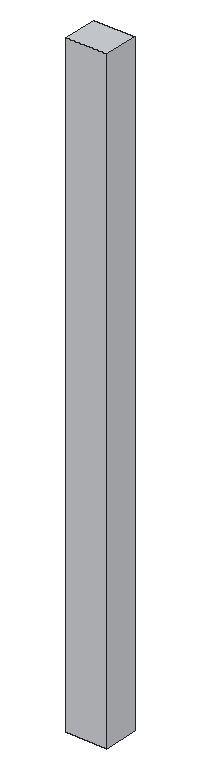
Revit family
Parameters
  Warranty Duration (Years) = 0
  Unit Width [instance] = 3' - 0"
  Unit Height [instance] = 0' - 0"
  Unit Depth = 0' - 0"
  URL = "http://www.americanspecialties.com/viewCategories.cfm"
  Trim Material = Rubber
  Test Data = ""
  Specification = "http://www.arcat.com/sdspecs/htm/10810asi.htm"
  SpecWizard = ""
  Send Message = "http://www.arcat.com/users.pl?action=UserEmail&company=American%20Specialties,%20Inc.&coid=30448&rep=139&fax=914-476-0688&mf="
  Sales Information = "http://www.americanspecialties.com/contact"
  Revision = "R1_10-2010"
  Product Properties = "http://www.americanspecialties.com/datasheets/0795.pdf"
  Product Data = "http://www.arcat.com/arcatcos/cos30/arc30448.html"
  Model = "As Specified in 10 28 13"
  Manufacturer Website = "http://www.americanspecialties.com/viewCategories.cfm"
  Manufacturer Phone - Toll Free = ""
  Manufacturer Phone = "914-476-9000 "
  Manufacturer Fax = "914-476-0688"
  Manufacturer Address = "441 Saw Mill River Rd., Yonkers, NY 10701"
  Manufacturer = "American Specialties, Inc."
  Maintenance Schedule (Months) = 0
  Keynote = "10 28 13"
  Installation-Fabrication = "http://www.americanspecialties.com/products.cfm"
  Green Building-LEED = ""
  Expected Lifespan (Years) = 0
  Drawn By = "Robert S. Weygant. CSI, CDT, SCIP"  # constant formula
  Description = "Toilet Accessory as Specified in 10 28 13"
  Default Elevation = 4' - 0"
  Copyright = "©Arcat Inc."
  Construction Details = "http://www.arcat.com/green/clients/leed_data_30448.html"
  Building Codes = "http://www.americanspecialties.com/products.cfm"
  Body Material = Metal - Stainless Steel
  Assembly Code = "C1030210"
Reference planes (in)
  plane 1 "Center (Front/Back)": y = -0.29112
  plane 2 "Floor Line": z = 0
  plane 3 "Center (Left/Right)": x = -0.65843
Forms (in)
  Extrusion 1, solid
    sketch origin (-3, -9, -6) x (0, 0, -1) y (1, 0, 0)
      loop
        line (-82, 4.96657) -> (-82, -0.06991) -> (-6, -0.06991) -> (-6, 4.96657) -> (-82, 4.96657)
    from -6.89923 to -11.17454
  Extrusion 2, solid, material "Metal - Stainless Steel" <- "Body Material"
    sketch origin (-17.56405, -2.48146, -10.11605) x (1, 0, 0) y (0, 0, 1)
      loop
        line (15.65562, 10.61605) -> (18.15562, 10.61605) -> (18.15562, 11.05355) -> (18.03062, 11.05355) -> (18.03062, 10.74105) -> (15.78062, 10.74105) -> (15.78062, 12.51646) -> (15.65562, 12.51646) -> (15.65562, 10.61605)
    from -1.5 to -2.88069
  Extrusion 3, solid, material "Rubber" <- "Trim Material"
    sketch origin (-1.875, 0, -3) x (1, 0, 0) y (0, 1, 0)
      loop
        arc (1.71876, -0.00164) -> (1.38167, 0.05154) -> (1.04802, -0.02014) r 0.93233
        arc (1.04802, -0.02014) -> (0.90772, -0.07915) -> (0.79313, -0.17932) r 0.47745
        arc (0.79313, -0.17932) -> (0.82811, -0.32067) -> (0.6876, -0.35889) r 0.10417
        arc (0.6876, -0.35889) -> (0.5665, -0.32788) -> (0.49553, -0.22496) r 0.1783
        line (0.49553, -0.22496) -> (0.30272, -0.22496) -> (0.30272, -0.4268)
        arc (0.30272, -0.4268) -> (1.23821, -1.05205) -> (2.33702, -0.8097) r 1.43411
        arc (2.33702, -0.8097) -> (2.14783, -0.3139) -> (1.71876, -0.00164) r 0.93233
    from 3.70633 to 5.00782
  Extrusion 4, solid, material "Rubber" <- "Trim Material"
    sketch origin (-1.75, 0, -3) x (1, 0, 0) y (0, 1, 0)
      loop
        circle (1.63426, -0.62262) r 0.25
    from 5.00782 to 5.1404
  Extrusion 5, solid, material "Rubber" <- "Trim Material"
    sketch origin (-1.75, 0, -3) x (1, 0, 0) y (0, 1, 0)
      loop
        circle (0.59157, 0.16479) r 0.08601
      loop
        circle (1.59157, 0.16479) r 0.08601
    from 3.625 to 3.70633
Dimensions and locks (in)
  aligned and locked: Extrusion 1 to level
  aligned and locked: Extrusion 3 to Extrusion 4
